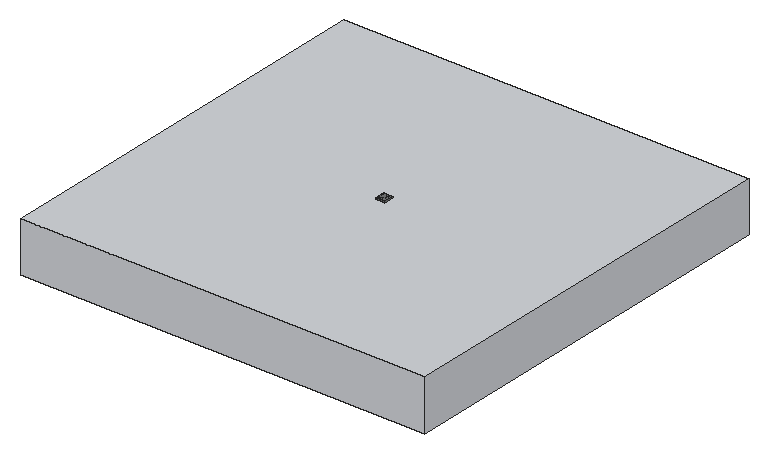
Revit family "Gira_264003", category Elektroinstallationen, Revit 2017
Family settings
  Basisbauteil = Fläche
  Beschriftungsausrichtung beibehalten = Nein
  Bemaßung runder Anschluss = Durchmesser verwenden
  Teiletyp = Normal
  Beim Laden mit Abzugskörper schneiden = Nein
  Gemeinsam genutzt = Nein
  Raumberechnungspunkt = Nein
Parameters
  Zusammenstellung = "Zentralplatte"
  Werkstoffgüte = "sonstige"
  Werkstoff = "sonstige"
  Verwendung = "Modular-Jack"
  URL = "https://www.gira.de/"
  Typname = "Abd. 30° + BSF f. Tragring MJ 2f System 55 Reinweiß"
  Transparent = no
  Tragring = no
  RAL-Nummer (ähnlich) = 9010
  Produktseite = "http://katalog.gira.de/de_DE/datenblatt.html?artikelnr=264003"
  Oberfläche = "sonstige"
  Montageart = "sonstige"
  Mit Zugentlastung = no
  Mit Staubschutz = no
  Mit Klappdeckel = no
  Mit Busankopplung = no
  Mit Aufdruck = no
  Lüsterklemme = no
  Hersteller = "Gira"
  Halogenfrei = yes
  HAN = "264003"
  Geeignet für Schutzart (IP) = "IP20"
  GTIN = "4010337460138"
  Farbe = "weiß"
  Datenblatt = "https://katalog.gira.de/de_DE/download.html?artikelnr=264003"
  Bussystem Powernet = no
  Bussystem LON = no
  Bussystem KNX-Funk = no
  Bussystem KNX = yes
  Bussystem Funkbus = no
  Beschriftungsfeld = "mit Beschriftungsfeld"
  Beschreibung = "Abdeckung mit 30 Schrägauslass und Beschriftungsfeld für Tragring Modular Jack 2fach  Reinweiß glänzend"
  Befestigungsart = "sonstige"
  Bauelement = "Sys55_Abdeckung_Schalten und Tasten"
  Default Elevation = 1219.2 mm
  BIM = "https://media.stage.bim.site/public/gira/ce1eeae/Sys55_Abdeckung_Schalten%20und%20Tasten.rfa?public/gira/ce1eeae/Sys55_Abdeckung_Schalten und Tasten.rfa"
  Ausführung der Oberfläche = "nicht zutreffend"
  Ausführung = "Wandsender komplett"
  Anzahl der Kanäle = 3
  Anthrazit [instance] = Anthrazit
  Andere Bussysteme = "ohne"
Reference planes
  plane 1 "Center (Front/Back)": y = 0
  plane 2: z = 0
  plane 3 "Center (Left/Right)": x = 0
Forms (mm)
  Extrusion 1, solid
    sketch origin (0, 0, 0) x (1, 0, 0) y (0, 1, 0)
      loop
        line (-1219.2, 1219.2) -> (-1219.2, -1219.2) -> (1219.2, -1219.2) -> (1219.2, 1219.2) -> (-1219.2, 1219.2)
    from 0 to -304.8
  Extrusion 2, solid, material "Anthrazit" <- "Anthrazit", detail levels fine
    sketch origin (0, 0, 0) x (1, 0, 0) y (0, 1, 0)
      loop
        line (-27.5, 27.5) -> (-27.5, -27.5) -> (27.5, -27.5) -> (27.5, 27.5) -> (-27.5, 27.5)
    from 0 to 8
  Extrusion 3, void
    sketch origin (0, 0, 0) x (1, 0, 0) y (0, 1, 0)
      loop
        line (26, 26) -> (-26, 26) -> (-26, -26) -> (26, -26) -> (26, 26)
    from 0 to 6
  Extrusion 4, solid, material "Anthrazit" <- "Anthrazit", detail levels medium
    sketch origin (0, 0, 0) x (1, 0, 0) y (0, 1, 0)
      loop
        line (-27.5, 27.5) -> (-27.5, -27.5) -> (27.5, -27.5) -> (27.5, 27.5) -> (-27.5, 27.5)
    from 0 to 8
  Extrusion 5, solid, material "Anthrazit" <- "Anthrazit", detail levels medium
    sketch origin (0, 0, 0) x (1, 0, 0) y (0, 1, 0)
      loop
        line (11, -17.5) -> (11, 17.5) -> (-11, 17.5) -> (-11, -17.5) -> (11, -17.5)
    from -6 to 6
  Extrusion 6, solid, material "Anthrazit" <- "Anthrazit", detail levels fine
    sketch origin (0, 0, 0) x (1, 0, 0) y (0, 1, 0)
      loop
        line (11, 17.5) -> (-11, 17.5) -> (-11, 16.5) -> (11, 16.5) -> (11, 17.5)
      loop
        line (-11, -16.5) -> (-11, -17.5) -> (11, -17.5) -> (11, -16.5) -> (-11, -16.5)
    from -4 to 6
  Extrusion 7, solid, material "Anthrazit" <- "Anthrazit", detail levels fine
    sketch origin (0, 0, 0) x (1, 0, 0) y (0, 1, 0)
      loop
        arc (5, 9.347) -> (0, 10.6) -> (-5, 9.347) r 10.6
        line (-5, 9.347) -> (-5, -9.347)
        arc (-5, -9.347) -> (0, -10.6) -> (5, -9.347) r 10.6
        line (5, -9.347) -> (5, 9.347)
    from -6 to 6
  Extrusion 8, solid, material "Anthrazit" <- "Anthrazit", detail levels coarse
    sketch origin (0, 0, 0) x (1, 0, 0) y (0, 1, 0)
      loop
        line (-27.5, 27.5) -> (-27.5, -27.5) -> (27.5, -27.5) -> (27.5, 27.5) -> (-27.5, 27.5)
    from -6 to 8
Cuts and joins
  Extrusion 3 cuts Extrusion 2
Dimensions and locks
  aligned and locked: plane 2 to Extrusion 1
  aligned and locked: level to Extrusion 1
